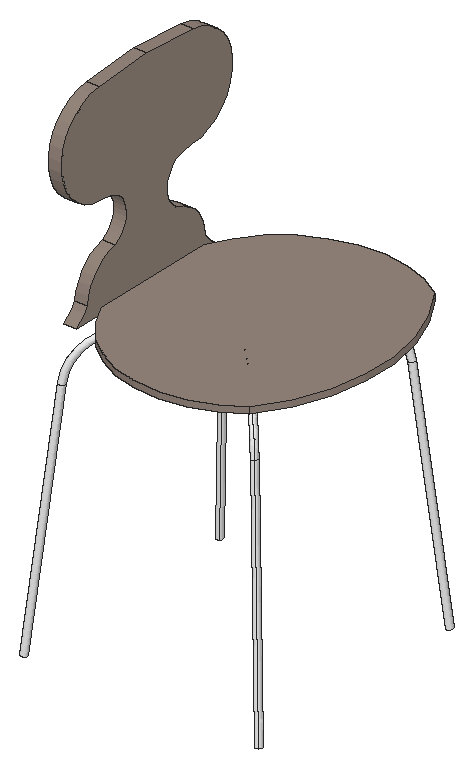
Revit family "Chair 1", category Furniture, Revit 2023
Family settings
  Work Plane-Based = No
  Enable Cutting in Views = No
  Always vertical = Yes
  Cut with Voids When Loaded = No
  Render Appearance Source = Family Geometry
  Shared = No
  Room Calculation Point = No
Parameters (values of type "Type 1A")
  Type Comments = "I"
  Keynote = "C"
  Manufacturer = ""
  Default Elevation = 0 mm
  Bracket Material = Herman Miller - Finish 47 Trivalent Chrome
  Model = ""
  Cushion/Chair Back Material = Herman Miller - Veneer Z5 Maple
  BG_DIM_Width1 [instance] = 1500 mm
  BG_DIM_Height1 [instance] = 900 mm
  BG_DIM_Depth1 [instance] = 300 mm
  Assembly Code = "Ase1"
Types (4, lengths in mm): name | Type Comments | Keynote | BG_DIM_Width1 | BG_DIM_Height1 | BG_DIM_Depth1
  (no name) | "I" | "C" | 1500 | 900 | 300
  Type 1A | "I" | "C" | 1500 | 900 | 300
  Type 1B | "G" | "A" | 1300 | 700 | 100
  Type 1C | "H" | "B" | 1400 | 800 | 200
Reference planes
  plane 1 "Center F/B": y = -198.997
  plane 2: z = 0
  plane 3 "Center L/R": x = -1.022
Forms (mm)
  Sweep 1, solid, material "Herman Miller - Finish 47 Trivalent Chrome" <- "Bracket Material"
    path origin (61.052, -65.204, 45) x (0, 0, -1) y (0.707107, -0.707107, 0)
      loop
        line (45, -82.843) -> (-332.364, -36.508)
        arc (-332.364, -36.508) -> (-382.531, -10.114) -> (-402.615, 42.895) r 80
        line (-402.615, 42.895) -> (-402.615, 181.322)
    profile origin (18.855, -23.007, 188.682) x (-0.701836, 0.701836, 0.121869) y (-0.707107, -0.707107, 0)
      loop
        circle (0, 0) r 5
  Sweep 2, solid, material "Herman Miller - Finish 47 Trivalent Chrome" <- "Bracket Material"
    path origin (57.516, -325.168, 45) x (0, 0, -1) y (0.707107, 0.707107, 0)
      loop
        line (45, -82.843) -> (-332.364, -36.508)
        arc (-332.364, -36.508) -> (-382.531, -10.114) -> (-402.615, 42.895) r 80
        line (-402.615, 42.895) -> (-402.615, 181.322)
    profile origin (15.319, -367.364, 188.682) x (-0.701836, -0.701836, 0.121869) y (0.707107, -0.707107, 0)
      loop
        circle (0, 0) r 5
  Sweep 3, solid, material "Herman Miller - Finish 47 Trivalent Chrome" <- "Bracket Material"
    path origin (303.338, -65.204, 45) x (0, 0, -1) y (0.707107, 0.707107, 0)
      loop
        line (45, 82.843) -> (-332.364, 36.508)
        arc (-332.364, 36.508) -> (-382.531, 10.114) -> (-402.615, -42.895) r 80
        line (-402.615, -42.895) -> (-402.615, -181.322)
    profile origin (345.535, -23.007, 188.682) x (0.701836, 0.701836, 0.121869) y (-0.707107, 0.707107, 0)
      loop
        circle (0, 0) r 5
  Sweep 4, solid, material "Herman Miller - Finish 47 Trivalent Chrome" <- "Bracket Material"
    path origin (306.873, -325.168, 45) x (0, 0, -1) y (0.707107, -0.707107, 0)
      loop
        line (45, 82.843) -> (-332.364, 36.508)
        arc (-332.364, 36.508) -> (-382.531, 10.114) -> (-402.615, -42.895) r 80
        line (-402.615, -42.895) -> (-402.615, -181.322)
    profile origin (349.07, -367.364, 188.682) x (0.701836, -0.701836, 0.121869) y (0.707107, 0.707107, 0)
      loop
        circle (0, 0) r 5
  Extrusion 5, solid, material "Herman Miller - Veneer Z5 Maple" <- "Cushion/Chair Back Material"
    sketch origin (0, 0, 0) x (1, 0, 0) y (0, 1, 0)
      loop
        arc (340, -9.099) -> (152.776, 17.913) -> (32.728, -128.274) r 192.616
        line (32.728, -128.274) -> (32.728, -249.923)
        arc (32.728, -249.923) -> (152.776, -396.11) -> (340, -369.099) r 192.616
        arc (340, -369.099) -> (400.673, -189.099) -> (340, -9.099) r 297.34
    from 450 to 460
  Extrusion 6, solid, material "Herman Miller - Veneer Z5 Maple" <- "Cushion/Chair Back Material"
    sketch origin (390, -409.099, -27.081) x (0, 0, -1) y (0, 1, 0)
      loop
        arc (-498.809, 95.839) -> (-486.21, 86.065) -> (-477.081, 72.99) r 53.087
        line (-477.081, 72.99) -> (-477.081, 347.212)
        arc (-477.081, 347.212) -> (-486.21, 334.138) -> (-498.809, 324.364) r 53.087
        arc (-498.809, 324.364) -> (-539.073, 308.301) -> (-561.143, 270.989) r 67.175
        arc (-561.143, 270.989) -> (-601.737, 249.17) -> (-634.197, 281.887) r 38.521
        line (-634.197, 281.887) -> (-636.604, 298.938)
        arc (-636.604, 298.938) -> (-714.694, 376.726) -> (-796.127, 302.444) r 79.872
        line (-796.127, 302.444) -> (-802.584, 210.101) -> (-796.127, 117.759)
        arc (-796.127, 117.759) -> (-714.694, 43.477) -> (-636.604, 121.265) r 79.872
        line (-636.604, 121.265) -> (-634.197, 138.316)
        arc (-634.197, 138.316) -> (-601.737, 171.033) -> (-561.143, 149.213) r 38.521
        arc (-561.143, 149.213) -> (-539.073, 111.901) -> (-498.809, 95.839) r 67.175
    from -367.272 to -347.272
Dimensions and locks
  aligned and locked: plane 1 "Center F/B" to Extrusion 6
